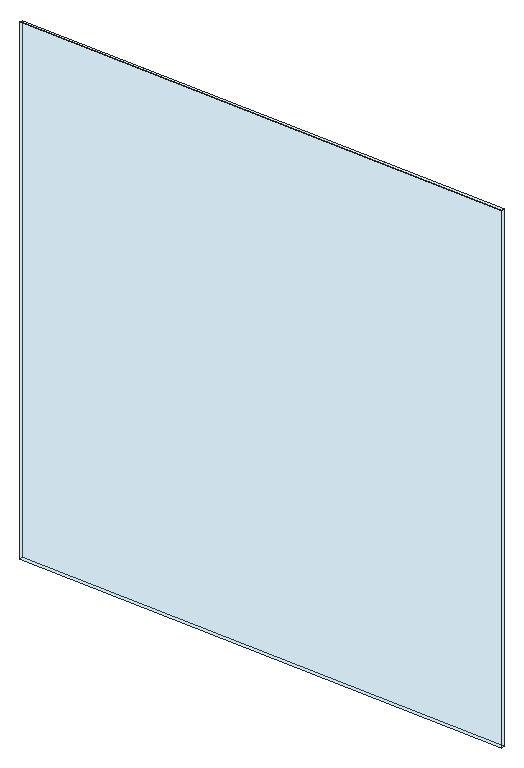
Revit family
Parameters (values of type "72" x 72"")
  Sealant = 0' - 0 3/8"
  DRY SET [instance] = yes
  Pocket Depth [instance] = 0' - 0 1/2"
  Head Height = Sill Height + Rough Height - Sealant  # 8' - 11 5/8"
  Depth [instance] = 0' - 5"
  Sill Height = 3' - 0"
  Rough Width = 6' - 0"
  Rough Height = 6' - 0"
  Model = "IP2550"
  Material = ""
  Manufacturer = "Arcadia"
  Sightline = 0' - 3"
  Height = Rough Height - Sealant - Sealant  # 5' - 11 1/4"
  Wall Closure = (empty or 0)
  Width = Rough Width - Sealant - Sealant  # 5' - 11 1/4"
  Glass Thickness [instance] = 0' - 0 9/16"
  Offset to Inside Face of Glass [instance] = 0' - 2 7/32"
  Construction Type = "Aluminum"
  Center of Rough Opening [instance] = Rough Width / 2  # 3' - 0"
  Center of Glass [instance] = Glass Thickness / 2  # 0' - 0 9/32"
  Center Wall to Outside Face [instance] = 0' - 2 7/8"
  Assembly Code = ""
Reference planes (in)
  plane 1 "Center (Front/Back)": y = 0
  plane 2: z = 0
  plane 3 "Center (Left/Right)": x = 12
  plane 4 "Rough Opening Bottom": z = 36
  plane 5 "Rough Opening Top": z = 108
  plane 6 "Exterior Face": y = 3.25
  plane 7 "Frame Top": z = 105
  plane 8 "Frame Bottom": z = 39
  plane 9 "Rough Opening Left": x = -24
  plane 10 "Rough Opening Right": x = 48
  plane 11 "Frame Left": x = -21
  plane 12 "Frame Right": x = 45
  plane 13 "Exterior Glass Edge": y = 0.08019
  plane 14 "Interior Glass Edge": y = -0.48231
  plane 15 "Glass Centerline": y = -0.20106
  plane 16 "Frame Outside": y = 2.29894
  plane 17 "Frame Inside": y = -2.70106
  plane 18: z = 105.5
  plane 19: z = 38.5
  plane 20: x = 45.5
  plane 21: x = -21.5
  plane 22: x = 47.625
  plane 23: x = -23.625
  plane 24: z = 107.625
  plane 25: z = 36.375
Forms (in)
  Extrusion 1, solid, material "Anodize Arcadia AC2 Clear #11", detail levels coarse
    sketch origin (0, 0, 36) x (0, -1, 0) y (1, 0, 0)
      loop
        line (-2.29894, -24) -> (2.70106, -24) -> (2.70106, -21) -> (0.48231, -21) -> (0.48231, -21.5) -> (-0.08019, -21.5) -> (-0.08019, -21) -> (-2.29894, -21) -> (-2.29894, -24)
    from 0 to 72 <- "Rough Height"
  Extrusion 2, solid, material "Anodize Arcadia AC2 Clear #11", detail levels coarse
    sketch origin (0, 0, 36) x (0, -1, 0) y (1, 0, 0)
      loop
        line (-2.29894, 45) -> (-0.08019, 45) -> (-0.08019, 45.5) -> (0.48231, 45.5) -> (0.48231, 45) -> (2.70106, 45) -> (2.70106, 48) -> (-2.29894, 48) -> (-2.29894, 45)
    from 0 to 72 <- "Rough Height"
  Extrusion 3, solid, material "Glass"
    sketch origin (-0.5, 0, 36) x (0, -1, 0) y (1, 0, 0)
      loop
        line (-0.08019, -21) -> (0.48231, -21) -> (0.48231, 46) -> (-0.08019, 46) -> (-0.08019, -21)
    from 2.5 to 69.5
  Extrusion 4, solid, material "Anodize Arcadia AC2 Clear #11", detail levels coarse
    sketch origin (-24, 0, 0) x (0, 1, 0) y (0, 0, 1)
      loop
        line (-2.70106, 108) -> (-2.70106, 105) -> (-0.48231, 105) -> (-0.48231, 105.5) -> (0.08019, 105.5) -> (0.08019, 105) -> (2.29894, 105) -> (2.29894, 108) -> (-2.70106, 108)
    from 0 to 72 <- "Rough Width"
  Extrusion 5, solid, material "Anodize Arcadia AC2 Clear #11", detail levels coarse
    sketch origin (-24, 0, 0) x (0, 1, 0) y (0, 0, 1)
      loop
        line (2.29894, 39) -> (0.08019, 39) -> (0.08019, 38.5) -> (-0.48231, 38.5) -> (-0.48231, 39) -> (-2.70106, 39) -> (-2.70106, 36) -> (2.29894, 36) -> (2.29894, 39)
    from 0 to 72 <- "Rough Width"
  Extrusion 6, void
    sketch origin (0, 0, 36) x (0, -1, 0) y (1, 0, 0)
      loop
        line (-3.25, -24) -> (4.75, -24) -> (4.75, 48) -> (-3.25, 48) -> (-3.25, -24)
    from 0 to 72 <- "Rough Height"
Lines and regions (in)
  symbolic lines, detail levels coarse
    curve 1: line (-24, 2.29894, 0) -> (-21, 2.29894, 0)
    curve 2: line (-21, 2.29894, 0) -> (-21, 0.08019, 0)
    curve 3: line (45.5, 0.08019, 0) -> (-21.5, 0.08019, 0)
    curve 4: line (-21.5, 0.08019, 0) -> (-21.5, -0.48231, 0)
    curve 5: line (-21.5, -0.48231, 0) -> (45.5, -0.48231, 0)
    curve 6: line (-21, -0.48231, 0) -> (-21, -2.70106, 0)
    curve 7: line (-21, -2.70106, 0) -> (-24, -2.70106, 0)
    curve 8: line (-24, -2.70106, 0) -> (-24, 2.29894, 0)
    curve 9: line (45, 2.29894, 0) -> (48, 2.29894, 0)
    curve 10: line (48, 2.29894, 0) -> (48, -2.70106, 0)
    curve 11: line (48, -2.70106, 0) -> (45, -2.70106, 0)
    curve 12: line (45, -2.70106, 0) -> (45, -0.48231, 0)
    curve 13: line (45.5, -0.48231, 0) -> (45.5, 0.08019, 0)
    curve 14: line (45, 0.08019, 0) -> (45, 2.29894, 0)
Text (in)
  text "EXTERIOR" at (-58.6888, 50.90694, 0), in view "Ref. Level"
  text "INTERIOR" at (-58.6888, -37.76638, 0), in view "Ref. Level"
  text "Exterior" at (0, 43.65631, 123.19604), in view "Left"
  text "Exterior" at (0, 18.29385, 125.04747), in view "Right"
Dimensions and locks (in)
  "Rough Height": plane 4 "Rough Opening Bottom" to plane 5 "Rough Opening Top"
  "Sill Height": plane 2 to plane 4 "Rough Opening Bottom"
  "Sightline": plane 7 "Frame Top" to plane 5 "Rough Opening Top"
  "Sightline": plane 4 "Rough Opening Bottom" to plane 8 "Frame Bottom"
  "Rough Width": plane 9 "Rough Opening Left" to plane 10 "Rough Opening Right"
  "Sightline": plane 9 "Rough Opening Left" to plane 11 "Frame Left"
  "Sightline": plane 12 "Frame Right" to plane 10 "Rough Opening Right"
  "Depth": plane 17 "Frame Inside" to plane 16 "Frame Outside"
  "Glass Thickness": plane 13 "Exterior Glass Edge" to plane 14 "Interior Glass Edge"
  "Center of Glass": plane 15 "Glass Centerline" to plane 14 "Interior Glass Edge"
  "Center of Rough Opening": plane 9 "Rough Opening Left" to plane 3 "Center (Left/Right)"
  "Offset to Inside Face of Glass": plane 17 "Frame Inside" to plane 14 "Interior Glass Edge"
  "Pocket Depth": plane 12 "Frame Right" to plane 20
  "Pocket Depth": plane 21 to plane 11 "Frame Left"
  "Pocket Depth": plane 7 "Frame Top" to plane 18
  "Pocket Depth": plane 19 to plane 8 "Frame Bottom"
  "Sealant": plane 22 to plane 10 "Rough Opening Right"
  "Sealant": plane 9 "Rough Opening Left" to plane 23
  "Sealant": plane 4 "Rough Opening Bottom" to plane 25
  "Sealant": plane 24 to plane 5 "Rough Opening Top"
  aligned and locked: plane 6 "Exterior Face" to host wall
  aligned and locked: Extrusion 1 sketch curve to plane 17 "Frame Inside"
  aligned and locked: plane 16 "Frame Outside" to Extrusion 1 sketch curve
  aligned and locked: Extrusion 1 sketch curve to plane 11 "Frame Left"
  aligned and locked: plane 9 "Rough Opening Left" to Extrusion 1 sketch curve
  aligned and locked: plane 12 "Frame Right" to Extrusion 2 sketch curve
  aligned and locked: Extrusion 2 sketch curve to plane 10 "Rough Opening Right"
  aligned and locked: Extrusion 2 sketch curve to plane 17 "Frame Inside"
  aligned and locked: plane 16 "Frame Outside" to Extrusion 2 sketch curve
  aligned and locked: Extrusion 3 sketch curve to plane 13 "Exterior Glass Edge"
  aligned and locked: plane 14 "Interior Glass Edge" to Extrusion 3 sketch curve
  aligned and locked: plane 5 "Rough Opening Top" to Extrusion 4 sketch curve
  aligned and locked: Extrusion 4 sketch curve to plane 7 "Frame Top"
  aligned and locked: Extrusion 4 sketch curve to plane 17 "Frame Inside"
  aligned and locked: plane 16 "Frame Outside" to Extrusion 4 sketch curve
  aligned and locked: Extrusion 5 sketch curve to plane 4 "Rough Opening Bottom"
  aligned and locked: plane 8 "Frame Bottom" to Extrusion 5 sketch curve
  aligned and locked: Extrusion 5 sketch curve to plane 17 "Frame Inside"
  aligned and locked: plane 16 "Frame Outside" to Extrusion 5 sketch curve
  aligned and locked: plane 4 "Rough Opening Bottom" to nested 2
  aligned and locked: plane 19 to Extrusion 3
  aligned and locked: Extrusion 3 to plane 18
  aligned and locked: plane 17 "Frame Inside" to nested 2
  aligned and locked: nested 1 to plane 16 "Frame Outside"
  aligned and locked: plane 10 "Rough Opening Right" to nested 1
  aligned and locked: nested 3 to plane 9 "Rough Opening Left"
  aligned and locked: plane 17 "Frame Inside" to nested 3
  aligned and locked: level to plane 2
  aligned and locked: plane 16 "Frame Outside" to curve 1
  aligned and locked: curve 2 to plane 11 "Frame Left"
  aligned and locked: curve 6 to plane 11 "Frame Left"
  aligned and locked: curve 7 to plane 17 "Frame Inside"
  aligned and locked: curve 4 to plane 21
  aligned and locked: plane 9 "Rough Opening Left" to curve 8
  aligned and locked: curve 5 to plane 14 "Interior Glass Edge"
  aligned and locked: plane 20 to curve 13
  aligned and locked: plane 12 "Frame Right" to curve 14
  aligned and locked: plane 12 "Frame Right" to curve 12
  aligned and locked: curve 11 to plane 17 "Frame Inside"
  aligned and locked: curve 10 to plane 10 "Rough Opening Right"
  aligned and locked: plane 16 "Frame Outside" to curve 9
  aligned and locked: Extrusion 1 sketch curve to plane 21
  aligned and locked: plane 13 "Exterior Glass Edge" to curve 3
  aligned and locked: plane 13 "Exterior Glass Edge" to Extrusion 1 sketch curve
  aligned and locked: Extrusion 1 sketch curve to plane 14 "Interior Glass Edge"
  aligned and locked: Extrusion 5 sketch curve to plane 14 "Interior Glass Edge"
  aligned and locked: plane 19 to Extrusion 5 sketch curve
  aligned and locked: plane 13 "Exterior Glass Edge" to Extrusion 5 sketch curve
  aligned and locked: plane 14 "Interior Glass Edge" to Extrusion 2 sketch curve
  aligned and locked: Extrusion 2 sketch curve to plane 20
  aligned and locked: Extrusion 2 sketch curve to plane 13 "Exterior Glass Edge"
  aligned and locked: plane 18 to Extrusion 4 sketch curve
  aligned and locked: Extrusion 4 sketch curve to plane 13 "Exterior Glass Edge"
  aligned and locked: plane 14 "Interior Glass Edge" to Extrusion 4 sketch curve
  aligned and locked: plane 9 "Rough Opening Left" to Extrusion 6 sketch curve
  aligned and locked: plane 6 "Exterior Face" to Extrusion 6 sketch curve
  aligned and locked: host wall to Extrusion 6 sketch curve
  aligned and locked: plane 10 "Rough Opening Right" to Extrusion 6 sketch curve
  aligned and locked: import instance to plane 9 "Rough Opening Left"
  aligned and locked: plane 16 "Frame Outside" to import instance  (x2)
  aligned and locked: import instance to plane 16 "Frame Outside"
  aligned and locked: plane 10 "Rough Opening Right" to import instance
  aligned and locked: plane 16 "Frame Outside" to nested 4
  aligned and locked: plane 5 "Rough Opening Top" to nested 4
  aligned and locked: import instance to plane 17 "Frame Inside"
  aligned and locked: plane 5 "Rough Opening Top" to import instance
  aligned and locked: plane 4 "Rough Opening Bottom" to import instance
Automatic sketch dimensions
  Extrusion 3 sketch curve to plane 21 = 0' - 0"
  Extrusion 3 sketch curve to plane 20 = 0' - 0"
  Extrusion 1 sketch curve to plane 11 "Frame Left" = 0' - 0"
  Extrusion 5 sketch curve to plane 8 "Frame Bottom" = 0' - 0"
  Extrusion 2 sketch curve to plane 12 "Frame Right" = 0' - 0"
  Extrusion 4 sketch curve to plane 7 "Frame Top" = 0' - 0"
Nested families (in)
  nested 1: "Window-Arcadia-IP2550-Med-Jamb-R" at (46.9375, -0.20106, 0) x (-1, 0, 0) z (0, 0, 1), type "Window-Arcadia-IP2550-Med-Jamb-R", detail levels medium
    with Sightline 0' - 3", Pocket Depth 0' - 0 1/2", Offset to Inside Face of Glass 0' - 2 7/32", Glass Width 0' - 0 9/16", Frame Wall Thickness 0' - 0 3/32", Depth 0' - 5", Center of Glass 0' - 0 9/32"
  nested 2: "Window-Arcadia-IP2550-Med-Sill" at (33.875, -0.20106, 36) x (0, -1, 0) z (1, 0, 0), type "Window-Arcadia-IPP2550-Med-Sill", detail levels medium
    with Sightline 0' - 3", Pocket Depth 0' - 0 1/2", Offset to Inside Face of Glass 0' - 2 7/32", Glass Width 0' - 0 9/16", Frame Wall Thickness 0' - 0 3/32", Depth 0' - 5", Center of Glass 0' - 0 9/32"
  nested 3: "Window-Arcadia-IP2550-Med-Jamb-L" at (-22.9375, -0.20106, 0) x (-1, 0, 0) z (0, 0, 1), type "Window-Arcadia-AIP2550-Med-Jamb-L", detail levels medium
    with Sightline 0' - 3", Pocket Depth 0' - 0 1/2", Offset to Inside Face of Glass 0' - 2 7/32", Glass Width 0' - 0 9/16", Frame Wall Thickness 0' - 0 3/32", Depth 0' - 5", Center of Glass 0' - 0 9/32"
  nested 4: "Window-Arcadia-IP2550-Med-Head" at (-21, -0.20106, 108) x (0, 1, 0) z (1, 0, 0), type "Window-Arcadia-IP2550-Med-Head", detail levels medium
    with Sightline 0' - 3", Pocket Depth 0' - 0 1/2", Offset to Inside Face of Glass 0' - 2 7/32", Glass Width 0' - 0 9/16", Frame Wall Thickness 0' - 0 3/32", Depth 0' - 5", Center of Glass 0' - 0 9/32"
Definition of nested family "Window-Arcadia-IP2550-Med-Jamb-R"
  Parameters (values of type "Window-Arcadia-TC670-Med-Jamb-R")
    Depth [instance] = 0' - 6"
    Pocket Depth [instance] = 0' - 0 3/4"
    Offset to Inside Face of Glass [instance] = 0' - 4"
    Glass Width [instance] = 0' - 1"
    Sightline [instance] = 0' - 2 5/8"
    Center of Glass [instance] = Glass Width / 2  # 0' - 0 1/2"
    Frame Wall Thickness [instance] = 0' - 0 3/32"
    Assembly Code = ""
  Reference planes (in)
    plane 1 "Center (Front/Back)": y = 0
    plane 2: z = 0
    plane 3: x = 1.5625
    plane 4 "back": x = -1.0625
    plane 5: y = 4.5
    plane 6: y = -1.5
    plane 7 "Inside Face of Glass": y = 0.5
    plane 8: y = -0.5
    plane 9: x = 0.8125
  Lines and regions (in)
    detail lines, in view "Ref. Level", detail levels medium
      curve 1: line (-1.0625, 4.5, 0) -> (-1.0625, -1.5, 0)
      curve 2: line (-1.0625, -1.5, 0) -> (1.5625, -1.5, 0)
      curve 3: line (1.5625, -1.5, 0) -> (1.5625, -0.5, 0)
      curve 4: line (1.5625, -0.5, 0) -> (0.8125, -0.5, 0)
      curve 5: line (0.8125, -0.5, 0) -> (0.8125, 0.5, 0)
      curve 6: line (0.8125, 0.5, 0) -> (1.5625, 0.5, 0)
      curve 7: line (1.5625, 0.5, 0) -> (1.5625, 4.5, 0)
      curve 8: line (1.5625, 4.5, 0) -> (-1.0625, 4.5, 0)
      curve 9: line (1.46875, 4.40625, 0) -> (-0.96875, 4.40625, 0)
      curve 10: line (-0.96875, 4.40625, 0) -> (-0.96875, -1.40625, 0)
      curve 11: line (-0.96875, -1.40625, 0) -> (1.46875, -1.40625, 0)
      curve 12: line (1.46875, -1.40625, 0) -> (1.46875, -0.59375, 0)
      curve 13: line (1.46875, -0.59375, 0) -> (0.71875, -0.59375, 0)
      curve 14: line (0.71875, -0.59375, 0) -> (0.71875, 0.59375, 0)
      curve 15: line (0.71875, 0.59375, 0) -> (1.46875, 0.59375, 0)
      curve 16: line (1.46875, 0.59375, 0) -> (1.46875, 4.40625, 0)
      curve 17: line (1.5625, 4.5, 0) -> (-1.0625, 4.5, 0)
      curve 18: line (-1.0625, 4.40625, 0) -> (-1.0625, -1.5, 0)
  Dimensions and locks (in)
    "Sightline": plane 4 "back" to plane 3
    "Depth": plane 5 to plane 6
    "Center of Glass": plane 1 "Center (Front/Back)" to plane 7 "Inside Face of Glass"
    "Glass Width": plane 8 to plane 7 "Inside Face of Glass"
    "Pocket Depth": plane 9 to plane 3
    "Offset to Inside Face of Glass": plane 5 to plane 7 "Inside Face of Glass"
    "Frame Wall Thickness": plane 5 to curve 9
    "Frame Wall Thickness": plane 4 "back" to curve 10
    "Frame Wall Thickness": curve 11 to plane 6
    "Frame Wall Thickness": curve 12 to plane 3
    "Frame Wall Thickness": curve 13 to plane 8
    "Frame Wall Thickness": plane 7 "Inside Face of Glass" to curve 15
    "Frame Wall Thickness": curve 14 to plane 9
    "Frame Wall Thickness": curve 16 to plane 3
    aligned and locked: plane 5 to curve 8
    aligned and locked: curve 1 to plane 4 "back"
    aligned and locked: curve 2 to plane 6
    aligned and locked: plane 3 to curve 3
    aligned and locked: curve 4 to plane 8
    aligned and locked: plane 9 to curve 5
    aligned and locked: plane 7 "Inside Face of Glass" to curve 6
    aligned and locked: plane 3 to curve 7
  Automatic sketch dimensions
    curve 18 to curve 9 = 0' - 0"
Definition of nested family "Window-Arcadia-IP2550-Med-Sill"
  Parameters (values of type "Window-Arcadia-A400-Med-Sill")
    Depth [instance] = 0' - 6"
    Pocket Depth [instance] = 0' - 0 1/2"
    Offset to Inside Face of Glass [instance] = 0' - 4"
    Glass Width [instance] = 0' - 1"
    Sightline [instance] = 0' - 2 5/8"
    Center of Glass [instance] = Glass Width / 2  # 0' - 0 1/2"
    Frame Wall Thickness [instance] = 0' - 0 3/32"
    Assembly Code = ""
  Reference planes (in)
    plane 1 "Center (Front/Back)": y = 0
    plane 2: z = 0
    plane 3 "Center (Left/Right)": x = 0
    plane 4: x = -0.5
    plane 5 "Inside Face of Glass": x = 0.5
    plane 6: y = 2.625
    plane 7: x = 4.5
    plane 8: x = -1.5
    plane 9: y = 2.125
  Lines and regions (in)
    detail lines, in view "Ref. Level", detail levels medium
      curve 1: line (-1.5, 2.625, 0) -> (-1.5, 0, 0)
      curve 2: line (-1.5, 0, 0) -> (4.5, 0, 0)
      curve 3: line (4.5, 0, 0) -> (4.5, 2.625, 0)
      curve 4: line (4.5, 2.625, 0) -> (0.5, 2.625, 0)
      curve 5: line (0.5, 2.625, 0) -> (0.5, 2.125, 0)
      curve 6: line (0.5, 2.125, 0) -> (-0.5, 2.125, 0)
      curve 7: line (-0.5, 2.125, 0) -> (-0.5, 2.625, 0)
      curve 8: line (-0.5, 2.625, 0) -> (-1.5, 2.625, 0)
      curve 9: line (-0.59375, 2.53125, 0) -> (-1.40625, 2.53125, 0)
      curve 10: line (-1.40625, 2.53125, 0) -> (-1.40625, 0.09375, 0)
      curve 11: line (-1.40625, 0.09375, 0) -> (4.40625, 0.09375, 0)
      curve 12: line (4.40625, 0.09375, 0) -> (4.40625, 2.53125, 0)
      curve 13: line (4.40625, 2.53125, 0) -> (0.59375, 2.53125, 0)
      curve 14: line (0.59375, 2.53125, 0) -> (0.59375, 2.03125, 0)
      curve 15: line (0.59375, 2.03125, 0) -> (-0.59375, 2.03125, 0)
      curve 16: line (-0.59375, 2.03125, 0) -> (-0.59375, 2.53125, 0)
  Dimensions and locks (in)
    "Pocket Depth": plane 9 to plane 6
    "Sightline": plane 1 "Center (Front/Back)" to plane 6
    "Depth": plane 8 to plane 7
    "Offset to Inside Face of Glass": plane 5 "Inside Face of Glass" to plane 7
    "Glass Width": plane 4 to plane 5 "Inside Face of Glass"
    "Center of Glass": plane 3 "Center (Left/Right)" to plane 5 "Inside Face of Glass"
    "Frame Wall Thickness": curve 9 to plane 6
    "Frame Wall Thickness": plane 8 to curve 10
    "Frame Wall Thickness": plane 1 "Center (Front/Back)" to curve 11
    "Frame Wall Thickness": curve 12 to plane 7
    "Frame Wall Thickness": curve 13 to plane 6
    "Frame Wall Thickness": plane 5 "Inside Face of Glass" to curve 14
    "Frame Wall Thickness": curve 15 to plane 9
    "Frame Wall Thickness": curve 16 to plane 4
    aligned and locked: plane 1 "Center (Front/Back)" to curve 2
    aligned and locked: plane 7 to curve 3
    aligned and locked: curve 1 to plane 8
    aligned and locked: curve 8 to plane 6
    aligned and locked: curve 4 to plane 6
    aligned and locked: curve 6 to plane 9
    aligned and locked: curve 5 to plane 5 "Inside Face of Glass"
    aligned and locked: plane 4 to curve 7
  Automatic sketch dimensions
    curve 7 to plane 9 = 0' - 0"
Definition of nested family "Window-Arcadia-IP2550-Med-Jamb-L"
  Parameters (values of type "Window-Arcadia-TC670-Med-Jamb-L")
    Depth [instance] = 0' - 6"
    Pocket Depth [instance] = 0' - 0 1/2"
    Offset to Inside Face of Glass [instance] = 0' - 4"
    Glass Width [instance] = 0' - 1"
    Sightline [instance] = 0' - 2 1/8"
    Center of Glass [instance] = Glass Width / 2  # 0' - 0 1/2"
    Frame Wall Thickness [instance] = 0' - 0 3/32"
    Assembly Code = ""
  Reference planes (in)
    plane 1 "Center (Front/Back)": y = 0
    plane 2: z = 0
    plane 3 "BACK": x = 1.0625
    plane 4 "FRONT": x = -1.0625
    plane 5: y = 1.5
    plane 6: y = -4.5
    plane 7 "Inside Face of Glass": y = 0.5
    plane 8: y = -0.5
    plane 9: x = -0.5625
  Lines and regions (in)
    detail lines, in view "Ref. Level", detail levels medium
      curve 1: line (1.0625, 1.5, 0) -> (1.0625, -4.5, 0)
      curve 2: line (1.0625, -4.5, 0) -> (-1.0625, -4.5, 0)
      curve 3: line (-1.0625, -4.5, 0) -> (-1.0625, -0.5, 0)
      curve 4: line (-1.0625, -0.5, 0) -> (-0.5625, -0.5, 0)
      curve 5: line (-0.5625, -0.5, 0) -> (-0.5625, 0.5, 0)
      curve 6: line (-0.5625, 0.5, 0) -> (-1.0625, 0.5, 0)
      curve 7: line (-1.0625, 0.5, 0) -> (-1.0625, 1.5, 0)
      curve 8: line (-1.0625, 1.5, 0) -> (1.0625, 1.5, 0)
      curve 9: line (-0.96875, 1.40625, 0) -> (0.96875, 1.40625, 0)
      curve 10: line (-0.96875, 0.59375, 0) -> (-0.96875, 1.40625, 0)
      curve 11: line (-0.46875, 0.59375, 0) -> (-0.96875, 0.59375, 0)
      curve 12: line (-0.46875, -0.59375, 0) -> (-0.46875, 0.59375, 0)
      curve 13: line (-0.96875, -0.59375, 0) -> (-0.46875, -0.59375, 0)
      curve 14: line (-0.96875, -4.40625, 0) -> (-0.96875, -0.59375, 0)
      curve 15: line (0.96875, -4.40625, 0) -> (-0.96875, -4.40625, 0)
      curve 16: line (0.96875, 1.40625, 0) -> (0.96875, -4.40625, 0)
  Dimensions and locks (in)
    "Depth": plane 5 to plane 6
    "Pocket Depth": plane 4 "FRONT" to plane 9
    "Sightline": plane 4 "FRONT" to plane 3 "BACK"
    "Glass Width": plane 8 to plane 7 "Inside Face of Glass"
    "Center of Glass": plane 1 "Center (Front/Back)" to plane 7 "Inside Face of Glass"
    "Frame Wall Thickness": plane 4 "FRONT" to curve 10
    "Frame Wall Thickness": plane 5 to curve 9
    "Frame Wall Thickness": curve 15 to plane 6
    "Frame Wall Thickness": curve 13 to plane 8
    "Frame Wall Thickness": plane 9 to curve 12
    "Frame Wall Thickness": plane 7 "Inside Face of Glass" to curve 11
    "Frame Wall Thickness": plane 4 "FRONT" to curve 14
    "Offset to Inside Face of Glass": plane 6 to plane 8
    aligned and locked: curve 8 to plane 5
    aligned and locked: curve 1 to plane 3 "BACK"
    aligned and locked: plane 6 to curve 2
    aligned and locked: curve 3 to plane 4 "FRONT"
    aligned and locked: plane 8 to curve 4
    aligned and locked: plane 9 to curve 5
    aligned and locked: curve 6 to plane 7 "Inside Face of Glass"
    aligned and locked: plane 4 "FRONT" to curve 7
  Automatic sketch dimensions
    curve 16 to plane 3 "BACK" = 0' - 0 3/32"
Definition of nested family "Window-Arcadia-IP2550-Med-Head"
  Parameters (values of type "Window-Arcadia-AR450P-Med-Head")
    Depth [instance] = 0' - 5"
    Pocket Depth [instance] = 0' - 0 1/2"
    Offset to Inside Face of Glass [instance] = 0' - 2 7/32"
    Glass Width [instance] = 0' - 0 9/16"
    Sightline [instance] = 0' - 3"
    Center of Glass [instance] = Glass Width / 2  # 0' - 0 9/32"
    Frame Wall Thickness [instance] = 0' - 0 3/32"
    Assembly Code = ""
  Reference planes (in)
    plane 1 "Center (Front/Back)": y = 0
    plane 2: z = 0
    plane 3 "Center (Left/Right)": x = 0
    plane 4: x = -0.28125
    plane 5 "Inside Face of Glass": x = 0.28125
    plane 6: y = -3
    plane 7: x = 2.5
    plane 8: x = -2.5
    plane 9: y = -2.5
  Lines and regions (in)
    detail lines, in view "Ref. Level", detail levels medium
      curve 1: line (-2.5, 0, 0) -> (-2.5, -3, 0)
      curve 2: line (-2.5, -3, 0) -> (-0.28125, -3, 0)
      curve 3: line (-0.28125, -3, 0) -> (-0.28125, -2.5, 0)
      curve 4: line (-0.28125, -2.5, 0) -> (0.28125, -2.5, 0)
      curve 5: line (0.28125, -2.5, 0) -> (0.28125, -3, 0)
      curve 6: line (0.28125, -3, 0) -> (2.5, -3, 0)
      curve 7: line (2.5, -3, 0) -> (2.5, 0, 0)
      curve 8: line (2.5, 0, 0) -> (-2.5, 0, 0)
      curve 9: line (-2.40625, -0.09375, 0) -> (-2.40625, -2.90625, 0)
      curve 10: line (2.40625, -0.09375, 0) -> (-2.40625, -0.09375, 0)
      curve 11: line (2.40625, -2.90625, 0) -> (2.40625, -0.09375, 0)
      curve 12: line (0.375, -2.90625, 0) -> (2.40625, -2.90625, 0)
      curve 13: line (-2.40625, -2.90625, 0) -> (-0.375, -2.90625, 0)
      curve 14: line (-0.375, -2.90625, 0) -> (-0.375, -2.40625, 0)
      curve 15: line (-0.375, -2.40625, 0) -> (0.375, -2.40625, 0)
      curve 16: line (0.375, -2.40625, 0) -> (0.375, -2.90625, 0)
  Dimensions and locks (in)
    "Sightline": plane 6 to plane 1 "Center (Front/Back)"
    "Depth": plane 8 to plane 7
    "Pocket Depth": plane 6 to plane 9
    "Offset to Inside Face of Glass": plane 5 "Inside Face of Glass" to plane 7
    "Glass Width": plane 4 to plane 5 "Inside Face of Glass"
    "Center of Glass": plane 3 "Center (Left/Right)" to plane 5 "Inside Face of Glass"
    "Frame Wall Thickness": plane 8 to curve 9
    "Frame Wall Thickness": curve 10 to plane 1 "Center (Front/Back)"
    "Frame Wall Thickness": curve 11 to plane 7
    "Frame Wall Thickness": plane 6 to curve 12
    "Frame Wall Thickness": plane 6 to curve 13
    "Frame Wall Thickness": plane 9 to curve 15
    "Frame Wall Thickness": plane 5 "Inside Face of Glass" to curve 16
    "Frame Wall Thickness": curve 14 to plane 4
    aligned and locked: curve 8 to plane 1 "Center (Front/Back)"
    aligned and locked: plane 7 to curve 7
    aligned and locked: curve 1 to plane 8
    aligned and locked: plane 9 to curve 4
    aligned and locked: plane 4 to curve 3
    aligned and locked: plane 6 to curve 2
    aligned and locked: plane 6 to curve 6
  Automatic sketch dimensions
    curve 5 to plane 5 "Inside Face of Glass" = 0' - 0"
